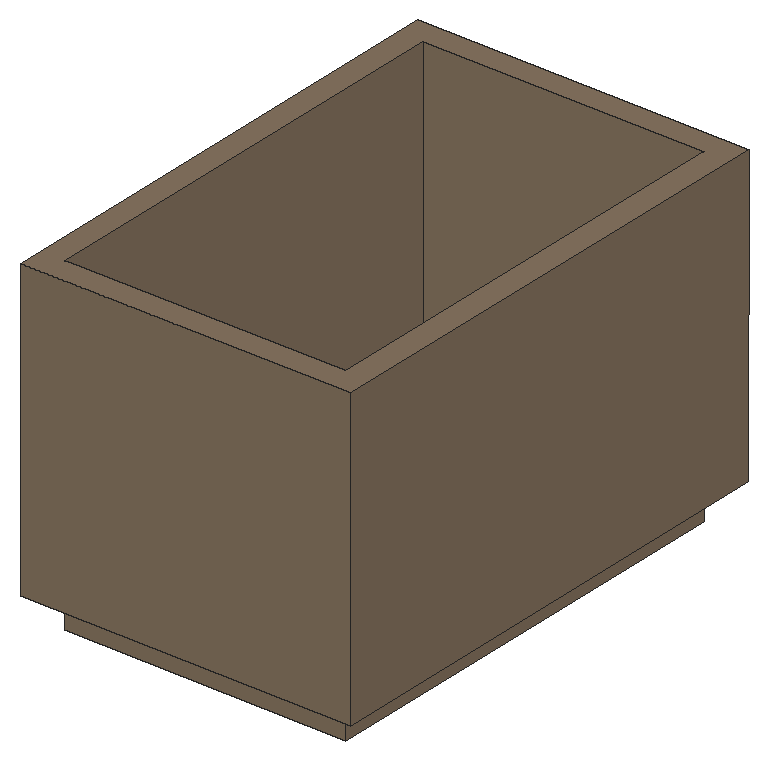
Revit family "vazon_fort", category Антураж, Revit 2017
Family settings
  На основе рабочей плоскости = Нет
  Всегда вертикально = Да
  При загрузке вырезать с полостями = Нет
  Источник визуального образа = Геометрия семейства
  Общий = Нет
  Точка расчета площади = Нет
Parameters (values of type ""Форт" Крымский берег")
  Ширина = 600 mm
  Производитель = "ГК Очаковский комбинат ЖБИ"  # constant formula
  Позиция = ""
  Поверхность = ""
  Площадь [instance] = 1.04 m²
  Описание изделия [instance] = "Монументальность и строгость форм этого вазона делают его универсальным и позволяют использовать практически в любых проектах. Вазон «Форт» отлично впишется в любое окружение, где использованы прямые линии."
  Объем бетона = 0.039 m³
  Обозначение = ""
  Наименование = "Вазон \"Форт\""
  Морозостойкость [instance] = "F150"
  Материал = Очаковский_Крымский_берег
  Масса [instance] = 98.00 kg
  Класс бетона [instance] = "В30"
  Защитное покрытие [instance] = 0.8
  Длина = 400 mm
  Watermarked By = ""
  Высота = 400 mm
  Водонепроницаемость [instance] = "W8"
  URL = "http://file-system.ru/catalog/blagoustroystvo/blagoustroystvo_goroda/vazony_i_tsvetochnitsy/_fort_vazon_/"
Types (8, lengths in mm): name | Материал | URL
  (no name) | Очаковский_Крымский_берег | "http://file-system.ru/catalog/blagoustroystvo/blagoustroystvo_goroda/vazony_i_tsvetochnitsy/_fort_vazon_/"
  "Форт" Московский гравий | Очаковский_Московский_гравий | 0
  "Форт" Белый шелк | Очаковский_Белый_Шелк | 0
  "Форт" Черный глянец | Очаковский_Черный_глянец | 0
  "Форт" Черный шелк | Очаковский_Черный_шелк | 0
  "Форт" Шахматка | Очаковский_Шахматка | 0
  "Форт" Морская соль | Очаковский_Морская_соль | 0
  "Форт" Крымский берег | Очаковский_Крымский_берег | "http://file-system.ru/catalog/blagoustroystvo/blagoustroystvo_goroda/vazony_i_tsvetochnitsy/_fort_vazon_/"
Reference planes
  plane 1 "По центру (Вперед/Назад)": y = 0
  plane 2: z = 0
  plane 3 "По центру (Влево/Вправо)": x = 0
  plane 4: z = 400
  plane 5: x = -200
  plane 6: x = 200
  plane 7: y = -300
  plane 8: y = 300
  plane 9: z = 40
Forms (mm)
  Extrusion 1, solid, material "Очаковский_Крымский_берег" <- "Материал", detail levels medium+fine
    sketch origin (416.256, -1524, 40) x (0, -1, 0) y (-1, 0, 0)
      loop
        line (-1824, 616.256) -> (-1824, 216.256) -> (-1224, 216.256) -> (-1224, 616.256) -> (-1824, 616.256)
      loop
        line (-1794, 586.256) -> (-1794, 246.256) -> (-1254, 246.256) -> (-1254, 586.256) -> (-1794, 586.256)
    from 0 to -360
  Extrusion 2, solid, material "Очаковский_Крымский_берег" <- "Материал", detail levels medium+fine
    sketch origin (0, 0, 0) x (1, 0, 0) y (0, 1, 0)
      loop
        line (-170, 270) -> (-170, -270) -> (170, -270) -> (170, 270) -> (-170, 270)
    from 0 to 40
Dimensions and locks
  "Высота": plane 4 to plane 2
  equal spacing: plane 8, plane 1 "По центру (Вперед/Назад)", plane 7
  "Ширина": plane 8 to plane 7
  equal spacing: plane 5, plane 3 "По центру (Влево/Вправо)", plane 6
  "Длина": plane 5 to plane 6
  locked: plane 9 to level at 40
  plane 3 "По центру (Влево/Вправо)" to Extrusion 1 = 200 mm
  aligned and locked: level to plane 2
  aligned and locked: Extrusion 2 sketch curve to Extrusion 1  (x4)
  aligned and locked: Extrusion 2 to Extrusion 1
  aligned and locked: Extrusion 1 to plane 4
  aligned and locked: plane 3 "По центру (Влево/Вправо)" to nested 1
  aligned and locked: plane 1 "По центру (Вперед/Назад)" to nested 1
Automatic sketch dimensions
  Extrusion 1 sketch curve to plane 6 = 0 mm
  Extrusion 1 sketch curve to plane 8 = 0 mm
  Extrusion 1 sketch curve to plane 7 = 0 mm
  Extrusion 1 sketch curve to plane 5 = 0 mm
  Extrusion 1 sketch curve to plane 8 = 30 mm
  plane 7 to Extrusion 1 sketch curve = 30 mm
  plane 5 to Extrusion 1 sketch curve = 30 mm
  Extrusion 1 sketch curve to plane 6 = 30 mm
Nested families
  nested 1: "МАФ Прямоугольный низкая дет" at (0, 0, 0), Высота <- "Высота", Длина <- "Длина", Ширина <- "Ширина", type "МАФ Прямоугольный низкая дет"
    with Ширина 600 mm, Длина 400 mm, Высота 400 mm
Definition of nested family "МАФ Прямоугольный низкая дет"
  Parameters (values of type "МАФ Прямоугольный низкая дет")
    Ширина [instance] = 200 mm
    Длина [instance] = 400 mm
    Высота [instance] = 600 mm
    Watermarked By = ""
    Type Comments = "﻿﻿             ﻿     ﻿                                                          ﻿   ​ ﻿                 ​     ﻿ ​                ​   ​   ​   ​ ​   ​ ​ ​​​ ​ ​​       ﻿﻿"
    Keynote = "﻿﻿             ﻿     ﻿                                                          ﻿   ​ ﻿                 ​     ﻿ ​                ​   ​   ​   ​ ​   ​ ​ ​​​ ​ ​​       ﻿﻿"
    Description = "﻿﻿             ﻿     ﻿                                                          ﻿   ​ ﻿                 ​     ﻿ ​                ​   ​   ​   ​ ​   ​ ​ ​​​ ​ ​​       ﻿﻿"
    Assembly Code = "﻿﻿             ﻿     ﻿                                                          ﻿   ​ ﻿                 ​     ﻿ ​                ​   ​   ​   ​ ​   ​ ​ ​​​ ​ ​​       ﻿﻿"
  Reference planes
    plane 1 "По центру (Вперед/Назад)": y = 0
    plane 2: z = 0
    plane 3 "По центру (Влево/Вправо)": x = 0
    plane 4: x = -200
    plane 5: x = 200
    plane 6: y = -100
    plane 7: y = 100
    plane 8: z = 600
  Forms (mm)
    Extrusion 1, solid, detail levels coarse
      sketch origin (0, 0, 0) x (1, 0, 0) y (0, 1, 0)
        loop
          line (-200, 100) -> (-200, -100) -> (200, -100) -> (200, 100) -> (-200, 100)
      from 0 to 600
  Dimensions and locks
    equal spacing: plane 6, plane 1 "По центру (Вперед/Назад)", plane 7
    "Ширина": plane 6 to plane 7
    equal spacing: plane 4, plane 3 "По центру (Влево/Вправо)", plane 5
    "Длина": plane 4 to plane 5
    "Высота": plane 8 to level
    aligned and locked: level to plane 2
    aligned and locked: Extrusion 1 sketch curve to plane 5
    aligned and locked: Extrusion 1 sketch curve to plane 7
    aligned and locked: Extrusion 1 sketch curve to plane 6
    aligned and locked: Extrusion 1 sketch curve to plane 4
    aligned and locked: plane 8 to Extrusion 1
  Automatic sketch dimensions
    Extrusion 1 sketch curve to plane 5 = 0 mm
